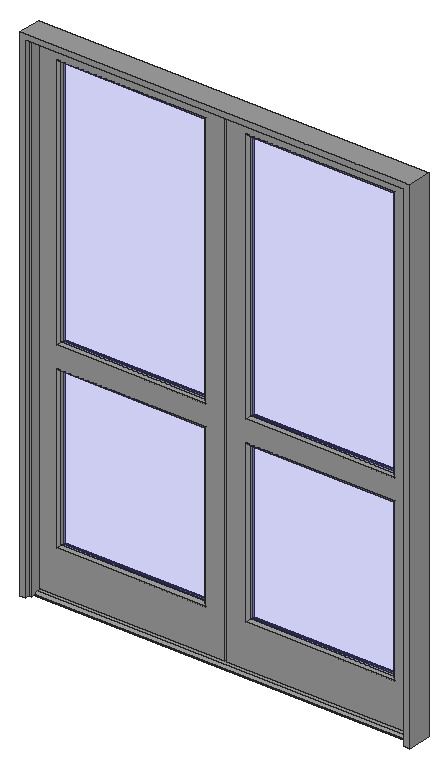
Revit family "MS-375 PIVOT DOOR-Double-VIP-0.25-CW_v05", category Curtain Panels, Revit 2015
Parameters
  Width [instance] = 6' - 2"
  VIP2 Panic Devices [instance] = not(VIP1 Panic Devices)  # yes
  URL = "obe.com"
  Rough Width = 6' - 0"
  Panel Width [instance] = Min Panel Width  # 6' - 0"
  Panel Offset [instance] = 0' - 0"
  Offset [instance] = 0' - 1"
  Model = "MS-375 DOOR"
  Min Rough Width [instance] = if(Rough Width > 6' 1 255/256", Rough Width, 6' 2")  # 6' - 2"
  Min Panel Width [instance] = if(Rough Width > 6' 1 255/256", Rough Width - 0' 2", 6' 0")  # 6' - 0"
  Manufacturer = "Oldcastle BuildingEnvelope®"
  Keynote = "08 11 00"
  Height [instance] = 8' - 0"
  Pushbar Height [instance] = 1' - 0"
  Glass Material = Glass
  Frame Material = Aluminum
  Door Panel Height [instance] = Height - 0' 0 5/8"  # 7' - 11 3/8"
  Description = "MS-375 - 1/4\" Door Infill"
  Assembly Code = "B2030"
  Analytic Construction = "<None>"
  VIP1 Panic Devices [instance] = no
  10 Bottom Rail [instance] = not([8 Bottom Rail])  # no
  8 Bottom Rail [instance] = yes
Reference planes (in)
  plane 1 "Front": y = 0
  plane 2: z = 0
  plane 3 "Center (Left/Right)": x = 0
  plane 4 "Left": x = -37
  plane 5 "Right": x = 37
  plane 6 "Top": z = 96
  plane 7 "Offset": y = -1
  plane 8: y = -2.28244
  plane 9: y = -2.28244
  plane 10: x = -37
  plane 11: x = 37
Forms (in)
  Sweep 1, solid, material "Aluminum" <- "Frame Material"
    path origin (0, -1, 0) x (-1, 0, 0) y (0, 0, 1)
      loop
        line (37, 0) -> (37, 96)
    profile origin (-37, -1, 48) x (1, 0, 0) y (0, 1, 0)
      loop
        line (1, -1.97) -> (1, 0) -> (0, 0) -> (0, -4.5) -> (1, -4.5) -> (1, -3.595) -> (1.5, -3.595) -> (1.5, -1.97) -> (1, -1.97)
  Sweep 2, solid, material "Aluminum" <- "Frame Material"
    path origin (0, -1, 0) x (-1, 0, 0) y (0, 0, 1)
      loop
        line (-37, 0) -> (-37, 96)
    profile origin (37, -1, 48) x (1, 0, 0) y (0, 1, 0)
      loop
        line (-1, -1.97) -> (-1.5, -1.97) -> (-1.5, -3.595) -> (-1, -3.595) -> (-1, -4.5) -> (0, -4.5) -> (0, 0) -> (-1, 0) -> (-1, -1.97)
  Extrusion 3, solid, material "Aluminum" <- "Frame Material"
    sketch origin (-37, 0, 0) x (0, -1, 0) y (0, 0, 1)
      loop
        line (2.97, 94.5) -> (4.595, 94.5) -> (4.595, 95) -> (5.5, 95) -> (5.5, 96) -> (1, 96) -> (1, 95) -> (2.97, 95) -> (2.97, 94.5)
    from -74 to 0
Cuts and joins
  joined: Sweep 1, Sweep 2, Extrusion 3
Text (in)
  text "Exterior" at (-54.29358, 31.38743, 0), in view "Ref. Level"
  text "Exterior" at (480, 41.53993, 89.60405), in view "Right"
  text "Exterior" at (-240, 57.82419, 105.78864), in view "Left"
Dimensions and locks (in)
  equal spacing: plane 4 "Left", plane 3 "Center (Left/Right)", plane 5 "Right"
  "Width": plane 4 "Left" to plane 5 "Right"
  "Height": plane 6 "Top" to plane 2
  "Offset": plane 1 "Front" to plane 7 "Offset"
  locked: plane 7 "Offset" to plane 8 at 1.28244
  locked: plane 7 "Offset" to plane 9 at 1.28244
  locked: plane 7 "Offset" to nested 3 at 1.28244
  Extrusion 3 sketch curve to Extrusion 3 sketch curve to Extrusion 3 sketch curve = 0' - 0 1/2" locked, 0' - 0" locked
  Extrusion 3 sketch curve to Extrusion 3 sketch curve to Extrusion 3 sketch curve to Extrusion 3 sketch curve = 0' - 1.97" locked, 0' - 1 5/8" locked, 0' - 0.905" locked
  locked: Extrusion 3 sketch curve to Extrusion 3 sketch curve at 1
  equal spacing: plane 10, plane 3 "Center (Left/Right)", plane 11
  "Min Rough Width": plane 10 to plane 11
  aligned and locked: level to plane 2
  aligned and locked: nested 1 to plane 8
  aligned and locked: plane 9 to nested 2
  aligned and locked: plane 6 "Top" to Sweep 1 sketch curve
  aligned and locked: level to Sweep 1 sketch curve
  aligned and locked: plane 6 "Top" to Sweep 2 sketch curve
  aligned and locked: level to Sweep 2 sketch curve
  aligned and locked: plane 6 "Top" to nested 3
  aligned and locked: Extrusion 3 to plane 6 "Top"
  aligned and locked: Extrusion 3 sketch curve to plane 6 "Top"
  aligned and locked: plane 3 "Center (Left/Right)" to nested 4
  aligned and locked: nested 4 to plane 7 "Offset"  (x2)
  aligned and locked: nested 2 to plane 10
  aligned and locked: plane 11 to nested 1
  aligned and locked: Sweep 1 sketch curve to plane 10
  aligned and locked: plane 11 to Sweep 2 sketch curve
  aligned and locked: cut or joined group of Sweep 1, Sweep 2, Extrusion 3 to plane 11
  aligned and locked: cut or joined group of Sweep 1, Sweep 2, Extrusion 3 to plane 10
Automatic sketch dimensions
  Sweep 1 sketch curve to profile plane = 0' - 0"
  Sweep 1 sketch curve to plane 7 "Offset" = 0' - 0"
  Sweep 1 sketch curve to profile plane = 0' - 1"  (x2)
  Sweep 1 sketch curve to Sweep 1 sketch curve = 0' - 0 1/2"
  Sweep 1 sketch curve to plane 7 "Offset" = 0' - 1.97"
  Sweep 1 sketch curve to Sweep 1 sketch curve = 0' - 1 5/8"
  Sweep 1 sketch curve to Sweep 1 sketch curve = 0' - 0.905"
  Sweep 2 sketch curve to plane 7 "Offset" = 0' - 0"
  Sweep 2 sketch curve to profile plane = 0' - 0"
  profile plane to Sweep 2 sketch curve = 0' - 1"  (x2)
  Sweep 2 sketch curve to Sweep 2 sketch curve = 0' - 0 1/2"
  Sweep 2 sketch curve to plane 7 "Offset" = 0' - 1.97"
  Sweep 2 sketch curve to Sweep 2 sketch curve = 0' - 1 5/8"
  Sweep 2 sketch curve to Sweep 2 sketch curve = 0' - 0.905"
  Extrusion 3 sketch curve to plane 7 "Offset" = 0' - 0"
Nested families (in)
  nested 1: "2.5x6-RTCIG CW-H8533-DHD-OHD SC-DI" at (37, -2.28244, 0) x (0, -1, 0) z (0, 0, 1), type "2.5x6-RTCIG CW-H8533-DHD-OHD SC-DI"
  nested 2: "2.5x6-RTCIG CW-H8533-DHD-OHD SC-DI" at (-37, -2.28244, 0) x (0, -1, 0) z (0, 0, 1), type "2.5x6-RTCIG CW-H8533-DHD-OHD SC-DI"
  nested 3: "2.5x6-RTCIG CW-H8533-DHD-OHD SC-DI" at (-33, -2.28244, 96) x (0, -1, 0) z (-1, 0, 0), type "2.5x6-RTCIG CW-H8533-DHD-OHD SC-DI"
  nested 4: "MS-375 PIVOT DOOR-Double-VIP-0.25-Panel_v04" at (0, -17, 0), Height <- "Door Panel Height", Frame Material <- "Frame Material", Glass Material <- "Glass Material", Width <- "Min Panel Width", VIP1 Panic Devices <- "VIP1 Panic Devices", 8 Bottom Rail <- "8 Bottom Rail", type "MS-375 PIVOT DOOR-Double-VIP-0.25-Panel_v04"
    with Wing Width 3' - 0", built-in parameter 1001301 6' - 0", VIP1 Panic Devices no, Pushbar Height 3' - 5 1/4", Offset 0' - 0", built-in parameter 1001300 7' - 11 3/8", Glass at Muntin 0' - 4 9/16", Glass Material Glass, Frame Material Aluminum, Bottom Rail 0' - 8 31/32", 8 Bottom Rail yes
Definition of nested family "MS-375 PIVOT DOOR-Double-VIP-0.25-Panel_v04"
  Parameters (values of type "MS-375 PIVOT DOOR-Double-VIP-0.25-Panel_v04")
    Wing Width [instance] = Width / 2  # 3' - 0"
    Width [instance] = 6' - 0"
    VIP1 Panic Devices [instance] = no
    Offset [instance] = 0' - 10 15/16"
    Height [instance] = 8' - 0"
    Glass at Muntin [instance] = if(VIP1 Panic Devices, 0' 8 9/16", 0' 4 9/16")  # 0' - 4 9/16"
    Pushbar Height [instance] = 3' - 5 1/4"  # constant formula
    Glass Material [instance] = none
    Frame Material [instance] = none
    Bottom Rail [instance] = if([8 Bottom Rail], 0' 8 31/32", 0' 10 31/32")  # 0' - 8 31/32"
    Analytic Construction = "<None>"
    8 Bottom Rail [instance] = yes
  Reference planes (in)
    plane 1 "00": y = 4.0625
    plane 2: z = 0
    plane 3 "Center (Left/Right)": x = 0
    plane 4: z = 96
    plane 5: x = 36
    plane 6: x = -36
    plane 7 "Center (Front/Back)": y = 16
    plane 8 "Exterior": y = 4.1875
    plane 9: z = 48
    plane 10: z = 92.96875
    plane 11: z = 92.21875
    plane 12: z = 43.53125
    plane 13: z = 38.96875
    plane 14: z = 8.96875
    plane 15 "Offset": y = 5.0625
    plane 16: z = 41.25
  Forms (in)
    Sweep 1, solid, material <- "Frame Material"
      path origin (0, 4.0625, 0) x (1, 0, 0) y (0, 0, 1)
        loop
          line (-35.79246, 96) -> (-0.22004, 96)
      profile origin (-18.00625, 4.0625, 96) x (0, 0, 1) y (0, -1, 0)
        loop
          line (-0.375, -0.875) -> (-0.375, 0.875) -> (-3.49593, 0.875) -> (-4, 0.45204) -> (-4, 0.125) -> (-3.78125, 0.125) -> (-3.78125, -0.125) -> (-4, -0.125) -> (-4, -0.45204) -> (-3.49593, -0.875) -> (-0.375, -0.875)
    Sweep 2, solid, material <- "Frame Material"
      path origin (0, 4.0625, 0) x (1, 0, 0) y (0, 0, 1)
        loop
          line (-0.22004, 0) -> (-35.79246, 0)
      profile origin (-18.00625, 4.0625, 0) x (0, 0, -1) y (0, -1, 0)
        loop
          line (-8.68343, -0.875) -> (-0.6875, -0.875) -> (-0.6875, 0.875) -> (-8.68343, 0.875) -> (-9.1875, 0.45204) -> (-9.1875, 0.125) -> (-8.96875, 0.125) -> (-8.96875, -0.125) -> (-9.1875, -0.125) -> (-9.1875, -0.45204) -> (-8.68343, -0.875)
    Sweep 3, solid, material <- "Frame Material"
      path origin (0, 4.0625, 0) x (1, 0, 0) y (0, 0, 1)
        loop
          line (36, 95.625) -> (36, 0.6875)
      profile origin (36, 4.0625, 48.15625) x (0, -1, 0) y (1, 0, 0)
        loop
          line (0.875, -0.19796) -> (-0.875, -0.08896) -> (-0.875, -3.83376) -> (-0.45204, -4.33783) -> (-0.125, -4.33783) -> (-0.125, -4.11908) -> (0.125, -4.11908) -> (0.125, -4.33783) -> (0.45204, -4.33783) -> (0.875, -3.83376) -> (0.875, -0.19796)
    Sweep 4, solid, material <- "Frame Material"
      path origin (0, 4.0625, 0) x (1, 0, 0) y (0, 0, 1)
        loop
          line (-36, 95.625) -> (-36, 0.6875)
      profile origin (-36, 4.0625, 48.15625) x (0, -1, 0) y (1, 0, 0)
        loop
          line (-0.875, 0.09854) -> (0.875, 0.20754) -> (0.875, 3.84334) -> (0.45204, 4.34741) -> (0.125, 4.34741) -> (0.125, 4.12866) -> (-0.125, 4.12866) -> (-0.125, 4.34741) -> (-0.45204, 4.34741) -> (-0.875, 3.84334) -> (-0.875, 0.09854)
    Sweep 5, solid, material <- "Frame Material"
      path origin (0, 4.0625, 0) x (1, 0, 0) y (0, 0, 1)
        loop
          line (-0.22004, 48) -> (-35.79246, 48)
      profile origin (-18.00625, 4.0625, 48) x (0, 0, -1) y (0, -1, 0)
        loop
          line (4.25, 0.45204) -> (4.25, 0.125) -> (4.46875, 0.125) -> (4.46875, -0.125) -> (4.25, -0.125) -> (4.25, -0.45204) -> (4.75407, -0.875) -> (8.74593, -0.875) -> (9.25, -0.45204) -> (9.25, -0.125) -> (9.03125, -0.125) -> (9.03125, 0.125) -> (9.25, 0.125) -> (9.25, 0.45204) -> (8.74593, 0.875) -> (4.75407, 0.875) -> (4.25, 0.45204)
    Sweep 6, solid, material <- "Frame Material"
      path origin (0, 4.0625, 0) x (1, 0, 0) y (0, 0, 1)
        loop
          line (0, 95.625) -> (0, 0.6875)
      profile origin (0, 4.0625, 48.15625) x (0, -1, 0) y (1, 0, 0)
        loop
          line (-0.875, -0.22004) -> (-0.875, -3.80843) -> (-0.45204, -4.3125) -> (-0.125, -4.3125) -> (-0.125, -4.09375) -> (0.125, -4.09375) -> (0.125, -4.3125) -> (0.45204, -4.3125) -> (0.875, -3.80843) -> (0.875, -0.22004)
          arc (0.875, -0.22004) -> (0, -0.0625) -> (-0.875, -0.22004) r 2.50872
        loop
          arc (-0.875, 0.22004) -> (0, 0.0625) -> (0.875, 0.22004) r 2.50872
          line (0.875, 0.22004) -> (0.875, 3.80843) -> (0.45204, 4.3125) -> (0.125, 4.3125) -> (0.125, 4.09375) -> (-0.125, 4.09375) -> (-0.125, 4.3125) -> (-0.45204, 4.3125) -> (-0.875, 3.80843) -> (-0.875, 0.22004)
    Sweep 7, solid, material <- "Frame Material"
      path origin (0, 4.0625, 0) x (1, 0, 0) y (0, 0, 1)
        loop
          line (0.22004, 96) -> (35.80204, 96)
      profile origin (18.01104, 4.0625, 96) x (0, 0, 1) y (0, -1, 0)
        loop
          line (-0.375, -0.875) -> (-0.375, 0.875) -> (-3.49593, 0.875) -> (-4, 0.45204) -> (-4, 0.125) -> (-3.78125, 0.125) -> (-3.78125, -0.125) -> (-4, -0.125) -> (-4, -0.45204) -> (-3.49593, -0.875) -> (-0.375, -0.875)
    Sweep 8, solid, material <- "Frame Material"
      path origin (0, 4.0625, 0) x (1, 0, 0) y (0, 0, 1)
        loop
          line (35.80204, 48) -> (0.22004, 48)
      profile origin (18.01104, 4.0625, 48) x (0, 0, -1) y (0, -1, 0)
        loop
          line (4.25, 0.45204) -> (4.25, 0.125) -> (4.46875, 0.125) -> (4.46875, -0.125) -> (4.25, -0.125) -> (4.25, -0.45204) -> (4.75407, -0.875) -> (8.74593, -0.875) -> (9.25, -0.45204) -> (9.25, -0.125) -> (9.03125, -0.125) -> (9.03125, 0.125) -> (9.25, 0.125) -> (9.25, 0.45204) -> (8.74593, 0.875) -> (4.75407, 0.875) -> (4.25, 0.45204)
    Sweep 9, solid, material <- "Frame Material"
      path origin (0, 4.0625, 0) x (1, 0, 0) y (0, 0, 1)
        loop
          line (35.80204, 0) -> (0.22004, 0)
      profile origin (18.01104, 4.0625, 0) x (0, 0, -1) y (0, -1, 0)
        loop
          line (-8.68343, -0.875) -> (-0.6875, -0.875) -> (-0.6875, 0.875) -> (-8.68343, 0.875) -> (-9.1875, 0.45204) -> (-9.1875, 0.125) -> (-8.96875, 0.125) -> (-8.96875, -0.125) -> (-9.1875, -0.125) -> (-9.1875, -0.45204) -> (-8.68343, -0.875)
    Extrusion 10, solid, material <- "Glass Material"
      sketch origin (0, 0, 0) x (1, 0, 0) y (0, 1, 0)
        loop
          line (-31.87021, 4.1875) -> (-31.87021, 3.9375) -> (-4.09375, 3.9375) -> (-4.09375, 4.1875) -> (-31.87021, 4.1875)
      from 8.96875 to 38.96875
    Extrusion 11, solid, material <- "Glass Material"
      sketch origin (0, 0, 0) x (1, 0, 0) y (0, 1, 0)
        loop
          line (4.09375, 4.1875) -> (4.09375, 3.9375) -> (31.87979, 3.9375) -> (31.87979, 4.1875) -> (4.09375, 4.1875)
      from 8.96875 to 38.96875
    Extrusion 12, solid, material <- "Glass Material"
      sketch origin (0, 0, 0) x (1, 0, 0) y (0, 1, 0)
        loop
          line (-4.09375, 4.1875) -> (-31.87021, 4.1875) -> (-31.87021, 3.9375) -> (-4.09375, 3.9375) -> (-4.09375, 4.1875)
      from 43.53125 to 92.21875
    Extrusion 13, solid, material <- "Glass Material"
      sketch origin (0, 0, 0) x (1, 0, 0) y (0, 1, 0)
        loop
          line (31.87979, 4.1875) -> (4.09375, 4.1875) -> (4.09375, 3.9375) -> (31.87979, 3.9375) -> (31.87979, 4.1875)
      from 43.53125 to 92.21875
    Sweep 14, solid, material <- "Frame Material"
      path origin (0, 5.0625, 0) x (1, 0, 0) y (0, 0, 1)
        loop
          line (-35.79246, 0) -> (35.80204, 0)
      profile origin (0.00479, 5.0625, 0) x (0, 0, 1) y (0, -1, 0)
        loop
          line (0.5, 2.468) -> (0.19364, 3.125) -> (0, 3.125) -> (0, -0.875) -> (0.19364, -0.875) -> (0.5, -0.218) -> (0.5, 2.468)
  Cuts and joins
    joined: Sweep 1, Sweep 2, Sweep 3, Sweep 4, Sweep 5, Sweep 6, Sweep 7, Sweep 8, Sweep 9
  Lines and regions (in)
    model lines
      curve 1: line (4.09375, 4.1875, 92.21875) -> (31.87979, 4.1875, 48)
      curve 2: line (31.87979, 4.1875, 48) -> (4.09375, 4.1875, 8.96875)
      curve 3: line (-4.09375, 4.1875, 92.21875) -> (-31.87134, 4.1875, 48)
      curve 4: line (-31.87134, 4.1875, 48) -> (-4.09375, 4.1875, 8.96875)
  Dimensions and locks (in)
    "Height": plane 4 to level
    "Width": plane 6 to plane 5
    "Offset": plane 15 "Offset" to plane 7 "Center (Front/Back)"
    plane 1 "00" to plane 8 "Exterior" to plane 15 "Offset" = 0' - 0 1/8" locked, 0' - 0 7/8" locked
    equal spacing: level, plane 9, plane 4
    locked: Sweep 2 sketch curve to plane 6 at 0.20754
    locked: plane 3 "Center (Left/Right)" to Sweep 2 sketch curve at 0.22004
    locked: Sweep 3 sketch curve to plane 4 at 0.375
    locked: Sweep 4 sketch curve to plane 4 at 0.375
    locked: Sweep 1 sketch curve to plane 6 at 0.20754
    locked: plane 3 "Center (Left/Right)" to Sweep 1 sketch curve at 0.22004
    "Bottom Rail": Sweep 2 sketch curve to level
    Sweep 2 sketch curve to Sweep 2 sketch curve to Sweep 2 sketch curve to Sweep 2 sketch curve to Sweep 2 sketch curve = 0' - 0" locked, 0' - 0 7/32" locked, 0' - 0.28532" locked, 0' - 0" locked
    locked: plane 3 "Center (Left/Right)" to Sweep 5 sketch curve at 0.22004
    locked: Sweep 5 sketch curve to plane 6 at 0.20754
    plane 12 to Sweep 5 sketch curve to Sweep 5 sketch curve = 0' - 0.28532" locked, 0' - 0" locked
    Sweep 5 sketch curve to Sweep 5 sketch curve to Sweep 5 sketch curve to plane 13 to Sweep 5 sketch curve = 0' - 0" locked, 0' - 0.28532" locked, 0' - 0" locked, 0' - 0 7/32" locked
    locked: Sweep 7 sketch curve to plane 3 "Center (Left/Right)" at 0.22004
    locked: plane 5 to Sweep 7 sketch curve at 0.19796
    "Glass at Muntin": plane 12 to plane 13
    plane 12 to Sweep 8 sketch curve to Sweep 8 sketch curve = 0' - 0.28532" locked, 0' - 0" locked
    Sweep 8 sketch curve to Sweep 8 sketch curve to plane 13 to Sweep 8 sketch curve to Sweep 8 sketch curve = 0' - 0" locked, 0' - 0.28532" locked, 0' - 0 7/32" locked, 0' - 0" locked
    locked: plane 5 to Sweep 8 sketch curve at 0.19796
    locked: Sweep 8 sketch curve to plane 3 "Center (Left/Right)" at 0.22004
    Sweep 9 sketch curve to Sweep 9 sketch curve to plane 14 to Sweep 9 sketch curve to Sweep 9 sketch curve = 0' - 0" locked, 0' - 0 7/32" locked, 0' - 0.28532" locked, 0' - 0" locked
    locked: plane 5 to Sweep 9 sketch curve at 0.19796
    locked: Sweep 9 sketch curve to plane 3 "Center (Left/Right)" at 0.22004
    Extrusion 11 sketch curve to plane 1 "00" to Extrusion 11 sketch curve = 0' - 0 1/8" locked, 0' - 0 1/8" locked
    locked: Extrusion 11 sketch curve to plane 5 at 4.12021
    locked: plane 3 "Center (Left/Right)" to Extrusion 11 sketch curve at 4.09375
    Extrusion 10 sketch curve to plane 1 "00" to Extrusion 10 sketch curve = 0' - 0 1/8" locked, 0' - 0 1/8" locked
    locked: plane 6 to Extrusion 10 sketch curve at 4.12979
    locked: Extrusion 10 sketch curve to plane 3 "Center (Left/Right)" at 4.09375
    "Bottom Rail": level to plane 14
    locked: plane 6 to Extrusion 12 sketch curve at 4.12979
    locked: Extrusion 12 sketch curve to plane 3 "Center (Left/Right)" at 4.09375
    Extrusion 12 sketch curve to plane 1 "00" to Extrusion 12 sketch curve = 0' - 0 1/8" locked, 0' - 0 1/8" locked
    locked: plane 4 to plane 11 at 3.78125
    Extrusion 13 sketch curve to plane 1 "00" to Extrusion 13 sketch curve = 0' - 0 1/8" locked, 0' - 0 1/8" locked
    locked: Extrusion 13 sketch curve to plane 5 at 4.12021
    locked: plane 3 "Center (Left/Right)" to Extrusion 13 sketch curve at 4.09375
    locked: plane 4 to Extrusion 13 at 3.78125
    equal spacing: plane 6, plane 3 "Center (Left/Right)", plane 5
    equal spacing: plane 13, plane 16, plane 12
    "Pushbar Height": plane 2 to plane 16
    locked: plane 5 to Sweep 14 sketch curve at 0.19796
    locked: Sweep 14 sketch curve to plane 6 at 0.20754
    locked: Sweep 4 sketch curve to plane 2 at 0.6875
    locked: Sweep 6 sketch curve to plane 2 at 0.6875
    locked: Sweep 3 sketch curve to plane 2 at 0.6875
    locked: nested 1 to plane 1 "00" at 1.093
    locked: plane 4 to Sweep 6 sketch curve at 0.375
    aligned and locked: plane 2 to level
    aligned and locked: plane 3 "Center (Left/Right)" to nested 1
    aligned and locked: Sweep 1 sketch curve to plane 4
    aligned and locked: Sweep 2 sketch curve to level
    aligned and locked: level to nested 2
    aligned and locked: nested 2 to plane 1 "00"
    aligned and locked: plane 5 to Sweep 3 sketch curve
    aligned and locked: plane 6 to Sweep 4 sketch curve
    aligned and locked: Sweep 5 sketch curve to plane 9
    aligned and locked: plane 3 "Center (Left/Right)" to Sweep 6 sketch curve
    aligned and locked: Sweep 9 sketch curve to level
    aligned and locked: Sweep 8 sketch curve to plane 9
    aligned and locked: plane 4 to Sweep 7 sketch curve
    aligned and locked: Extrusion 12 to cut or joined group of Sweep 1, Sweep 2, Sweep 3, Sweep 4, Sweep 5, Sweep 6, Sweep 7, Sweep 8, Sweep 9
    aligned and locked: Extrusion 13 to cut or joined group of Sweep 1, Sweep 2, Sweep 3, Sweep 4, Sweep 5, Sweep 6, Sweep 7, Sweep 8, Sweep 9
    aligned and locked: Extrusion 13 to plane 11
    aligned and locked: Sweep 8 sketch curve to plane 13
    aligned and locked: Extrusion 11 to plane 13
    aligned and locked: plane 12 to Extrusion 13
    aligned and locked: Sweep 7 sketch curve to plane 11
    aligned and locked: plane 14 to Extrusion 11
    aligned and locked: plane 14 to Sweep 9 sketch curve
    aligned and locked: Sweep 1 sketch curve to plane 11
    aligned and locked: Sweep 5 sketch curve to plane 12
    aligned and locked: plane 12 to Extrusion 12
    aligned and locked: Extrusion 10 to plane 13
    aligned and locked: plane 14 to Extrusion 10
    aligned and locked: Extrusion 12 to plane 11
    aligned and locked: cut or joined group of Sweep 1, Sweep 2, Sweep 3, Sweep 4, Sweep 5, Sweep 6, Sweep 7, Sweep 8, Sweep 9 to curve 4  (x2)
    aligned and locked: plane 14 to curve 4
    aligned and locked: plane 9 to curve 4
    aligned and locked: curve 3 to cut or joined group of Sweep 1, Sweep 2, Sweep 3, Sweep 4, Sweep 5, Sweep 6, Sweep 7, Sweep 8, Sweep 9
    aligned and locked: plane 11 to curve 3
    aligned and locked: cut or joined group of Sweep 1, Sweep 2, Sweep 3, Sweep 4, Sweep 5, Sweep 6, Sweep 7, Sweep 8, Sweep 9 to curve 1
    aligned and locked: plane 9 to curve 2
    aligned and locked: cut or joined group of Sweep 1, Sweep 2, Sweep 3, Sweep 4, Sweep 5, Sweep 6, Sweep 7, Sweep 8, Sweep 9 to curve 2
    aligned and locked: plane 14 to curve 2
    aligned and locked: Sweep 14 sketch curve to plane 2
  Automatic sketch dimensions
    plane 1 "00" to Sweep 1 sketch curve = 0' - 0 1/8"
    Sweep 1 sketch curve to plane 1 "00" = 0' - 0.45204"
    Sweep 1 sketch curve to Sweep 1 sketch curve = 0' - 0"
    Sweep 1 sketch curve to Sweep 1 sketch curve = 0' - 0 7/32"
    plane 1 "00" to Sweep 1 sketch curve = 0' - 0 7/8"
    Sweep 1 sketch curve to Sweep 1 sketch curve = 0' - 0.50407"  (x2)
    profile plane to Sweep 1 sketch curve = 0' - 0 3/8"
    Sweep 1 sketch curve to plane 1 "00" = 0' - 0 7/8"
    Sweep 1 sketch curve to plane 1 "00" = 0' - 0 1/8"
    Sweep 1 sketch curve to Sweep 1 sketch curve = 0' - 0.32704"
    plane 1 "00" to Sweep 6 sketch curve = 0' - 0"  (x2)
    Sweep 6 sketch curve to plane 1 "00" = 0' - 0 1/8"  (x2)
    Sweep 6 sketch curve to Sweep 6 sketch curve = 0' - 0.32704"  (x4)
    Sweep 6 sketch curve to profile plane = 0' - 0.22004"
    Sweep 6 sketch curve to plane 1 "00" = 0' - 0 7/8"
    Sweep 6 sketch curve to Sweep 6 sketch curve = 0' - 0.42296"  (x3)
    plane 1 "00" to Sweep 6 sketch curve = 0' - 0 1/8"  (x2)
    profile plane to Sweep 6 sketch curve = 0' - 0.22004"
    Sweep 6 sketch curve to Sweep 6 sketch curve = 0' - 3.58839"  (x2)
    Sweep 6 sketch curve to Sweep 6 sketch curve = 0' - 0"  (x2)
    Sweep 6 sketch curve to Sweep 6 sketch curve = 0' - 0.28532"  (x2)
    Sweep 6 sketch curve to Sweep 6 sketch curve = 0' - 1.52253"  (x2)
    Sweep 6 sketch curve to Sweep 6 sketch curve = 0' - 1.74128"  (x4)
    plane 1 "00" to Sweep 7 sketch curve = 0' - 0 1/8"
    Sweep 7 sketch curve to plane 1 "00" = 0' - 0.45204"
    Sweep 7 sketch curve to Sweep 7 sketch curve = 0' - 0"
    Sweep 7 sketch curve to Sweep 7 sketch curve = 0' - 0 7/32"
    plane 1 "00" to Sweep 7 sketch curve = 0' - 0 7/8"
    Sweep 7 sketch curve to Sweep 7 sketch curve = 0' - 0.50407"  (x2)
    profile plane to Sweep 7 sketch curve = 0' - 0 3/8"
    Sweep 7 sketch curve to plane 1 "00" = 0' - 0 7/8"
    Sweep 7 sketch curve to plane 1 "00" = 0' - 0 1/8"
    Sweep 7 sketch curve to Sweep 7 sketch curve = 0' - 0.32704"
    Sweep 8 sketch curve to Sweep 8 sketch curve = 0' - 0 7/32"  (x2)
    Sweep 8 sketch curve to plane 1 "00" = 0' - 0 7/8"
    Sweep 8 sketch curve to plane 1 "00" = 0' - 0.45204"  (x2)
    Sweep 8 sketch curve to plane 1 "00" = 0' - 0 1/8"  (x2)
    plane 1 "00" to Sweep 8 sketch curve = 0' - 0 1/8"  (x2)
    Sweep 8 sketch curve to Sweep 8 sketch curve = 0' - 0.32704"  (x2)
    Sweep 8 sketch curve to Sweep 8 sketch curve = 0' - 0.42296"
    Sweep 8 sketch curve to Sweep 8 sketch curve = 0' - 0.28532"
    Sweep 5 sketch curve to Sweep 5 sketch curve = 0' - 0 7/32"  (x3)
    Sweep 5 sketch curve to plane 1 "00" = 0' - 0 7/8"
    Sweep 5 sketch curve to plane 1 "00" = 0' - 0.45204"  (x2)
    Sweep 5 sketch curve to plane 1 "00" = 0' - 0 1/8"  (x2)
    plane 1 "00" to Sweep 5 sketch curve = 0' - 0 1/8"  (x2)
    Sweep 5 sketch curve to Sweep 5 sketch curve = 0' - 0.32704"  (x2)
    Sweep 5 sketch curve to Sweep 5 sketch curve = 0' - 0.42296"
    profile plane to Sweep 9 sketch curve = 0' - 0 11/16"
    Sweep 9 sketch curve to plane 1 "00" = 0' - 0.45204"
    Sweep 9 sketch curve to plane 1 "00" = 0' - 0 1/8"
    plane 1 "00" to Sweep 9 sketch curve = 0' - 0 1/8"
    Sweep 9 sketch curve to Sweep 9 sketch curve = 0' - 0.32704"
    Sweep 9 sketch curve to Sweep 9 sketch curve = 0' - 0.42296"  (x2)
    Sweep 4 sketch curve to plane 1 "00" = 0' - 0 7/8"
    Sweep 4 sketch curve to plane 1 "00" = 0' - 0.45204"
    Sweep 4 sketch curve to plane 1 "00" = 0' - 0 1/8"
    plane 1 "00" to Sweep 4 sketch curve = 0' - 0 1/8"
    Sweep 4 sketch curve to Sweep 4 sketch curve = 0' - 0.32704"
    Sweep 4 sketch curve to Sweep 4 sketch curve = 0' - 0.42296"
    Sweep 4 sketch curve to profile plane = 0' - 3.84334"
    Sweep 4 sketch curve to Sweep 4 sketch curve = 0' - 0"
    Sweep 4 sketch curve to Sweep 4 sketch curve = 0' - 0.28532"
    Sweep 4 sketch curve to Sweep 4 sketch curve = 0' - 0 7/32"  (x2)
    Sweep 4 sketch curve to profile plane = 0' - 0.20754"
    Sweep 4 sketch curve to profile plane = 0' - 0.09854"
    Sweep 3 sketch curve to plane 1 "00" = 0' - 0 7/8"
    Sweep 3 sketch curve to plane 1 "00" = 0' - 0.45204"
    Sweep 3 sketch curve to plane 1 "00" = 0' - 0 1/8"
    plane 1 "00" to Sweep 3 sketch curve = 0' - 0 1/8"
    Sweep 3 sketch curve to Sweep 3 sketch curve = 0' - 0.32704"
    Sweep 3 sketch curve to Sweep 3 sketch curve = 0' - 0.42296"
    profile plane to Sweep 3 sketch curve = 0' - 4.33783"
    Sweep 3 sketch curve to Sweep 3 sketch curve = 0' - 0"
    Sweep 3 sketch curve to Sweep 3 sketch curve = 0' - 0 7/32"
    Sweep 3 sketch curve to Sweep 3 sketch curve = 0' - 0.50407"  (x2)
    profile plane to Sweep 3 sketch curve = 0' - 0.08896"
    profile plane to Sweep 3 sketch curve = 0' - 0.19796"
    curve 1 to plane 11 = 0' - 0"
    curve 2 to plane 5 = 0' - 4.12021"
    Sweep 14 sketch curve to profile plane = 0' - 0.19364"  (x2)
    Sweep 14 sketch curve to plane 15 "Offset" = 0' - 0 7/8"
    Sweep 14 sketch curve to profile plane = 0' - 0"
    Sweep 14 sketch curve to plane 15 "Offset" = 0' - 0.218"
    Sweep 14 sketch curve to Sweep 14 sketch curve = 0' - 2.686"
    Sweep 14 sketch curve to profile plane = 0' - 0 1/2"
    Sweep 14 sketch curve to Sweep 14 sketch curve = 0' - 0.657"
    profile plane to Sweep 2 sketch curve = 0' - 0 11/16"
    Sweep 2 sketch curve to plane 1 "00" = 0' - 0 7/8"
    Sweep 2 sketch curve to plane 1 "00" = 0' - 0.45204"
    Sweep 2 sketch curve to plane 1 "00" = 0' - 0 1/8"
    plane 1 "00" to Sweep 2 sketch curve = 0' - 0 1/8"
    Sweep 2 sketch curve to Sweep 2 sketch curve = 0' - 0.32704"
    Sweep 2 sketch curve to Sweep 2 sketch curve = 0' - 0.42296"
  Nested families (in)
    nested 1: "MS-375 PIVOT DOOR-Double-VIP-0.25-Plan View_v02" at (0, 4.0625, 0), Wing Width <- "Wing Width", Width <- "Width", type "MS-375 PIVOT DOOR-Double-VIP-0.25-Plan View_v02"
      with Wing Width 3' - 0", Width 6' - 0"
    nested 2: "MS-375 PIVOT DOOR-Double-VIP-0.25-Section_v02" at (0, 4.0625, 0) x (0, -1, 0) z (1, 0, 0), Height <- "Height", VIP1 Panic Devices <- "VIP1 Panic Devices", 8 Bottom Rail <- "8 Bottom Rail", type "MS-375 PIVOT DOOR-Double-VIP-0.25-Section_v02"
      with VIP2 Panic Devices yes, VIP1 Panic Devices no, Pushbar Height 3' - 5 1/4", Height 8' - 0", Glass at Muntins 0' - 4 9/16", Bottom Rail 0' - 8 31/32", 8 Bottom Rail yes, 10 Bottom Rail no
  Definition of nested family "MS-375 PIVOT DOOR-Double-VIP-0.25-Plan View_v02"
    Parameters (values of type "MS-375 PIVOT DOOR-Double-VIP-0.25-Plan View_v02")
      Wing Width [instance] = Width / 2  # 3' - 0"
      Width [instance] = 6' - 0"
    Reference planes (in)
      plane 1 "Center (Front/Back)": y = 0
      plane 2: z = 0
      plane 3 "Center (Left/Right)": x = 0
      plane 4: x = -36
      plane 5: x = 36
      plane 6: x = 34.65625
      plane 7: x = -34.65625
      plane 8: y = -1.093
      plane 9: x = 35.90625
      plane 10: y = 1.25
      plane 11: y = 37.25
      plane 12: x = -35.90625
      plane 13: y = 1.25
    Lines and regions (in)
      detail lines, in view "Ref. Level", not visible
        curve 1: line (-31.875, 0.125, 0) -> (-4.09375, 0.125, 0)
        curve 2: line (-31.875, -0.125, 0) -> (-4.09375, -0.125, 0)
        curve 8: line (4.09375, -0.125, 0) -> (31.875, -0.125, 0)
        curve 9: line (4.09375, 0.125, 0) -> (31.875, 0.125, 0)
      detail lines, in view "Ref. Level"
        curve 3: line (34.53125, 5.28125, 0) -> (34.53125, 33.0625, 0)
        curve 7: line (34.78125, 5.28125, 0) -> (34.78125, 33.0625, 0)
        curve 10: line (-34.53125, 5.28125, 0) -> (-34.53125, 33.05062, 0)
        curve 14: line (-34.78125, 5.28125, 0) -> (-34.78125, 33.05062, 0)
        curve 15: arc (34.65625, 37.09375, 0) -> (9.67701, 25.71148, 0) -> (0.0625, 0, 0) r 35.86554
        curve 16: arc (-34.65625, 37.08187, 0) -> (-9.68541, 25.70307, 0) -> (-0.07438, 0, 0) r 35.85366
      detail lines, in view "Ref. Level", detail levels fine
        curve 4: line (34.59375, 5.28125, 0) -> (34.59375, 33.0625, 0)
        curve 5: line (34.65625, 5.28125, 0) -> (34.65625, 33.0625, 0)
        curve 6: line (34.71875, 5.28125, 0) -> (34.71875, 33.0625, 0)
        curve 11: line (-34.59375, 5.28125, 0) -> (-34.59375, 33.05062, 0)
        curve 12: line (-34.65625, 5.28125, 0) -> (-34.65625, 33.05062, 0)
        curve 13: line (-34.71875, 5.28125, 0) -> (-34.71875, 33.05062, 0)
    Dimensions and locks (in)
      equal spacing: plane 4, plane 3 "Center (Left/Right)", plane 5
      "Wing Width": plane 10 to plane 11
      plane 13 to plane 11 = 3' - 0"
      locked: plane 4 to plane 7 at 1.34375
      "Width": plane 4 to plane 5
      locked: plane 1 "Center (Front/Back)" to plane 8 at 1.093
      plane 8 to nested 5 = 0' - 0"
      locked: plane 6 to plane 5 at 1.34375
      locked: plane 5 to nested 7 at 2.24925
      locked: nested 6 to plane 4 at 2.24925
      locked: plane 9 to plane 5 at 0.09375
      locked: plane 1 "Center (Front/Back)" to plane 10 at 1.25
      locked: nested 3 to plane 11 at 0.09375
      locked: plane 4 to plane 12 at 0.09375
      locked: plane 1 "Center (Front/Back)" to plane 13 at 1.25
      locked: nested 4 to plane 11 at 0.10563
      aligned and locked: plane 3 "Center (Left/Right)" to nested 1
      aligned and locked: nested 1 to plane 1 "Center (Front/Back)"
      aligned and locked: plane 3 "Center (Left/Right)" to nested 2
      aligned and locked: nested 2 to plane 1 "Center (Front/Back)"
      aligned and locked: nested 3 to plane 6
      aligned and locked: plane 7 to nested 4
      aligned and locked: plane 7 to nested 5
      aligned and locked: plane 1 "Center (Front/Back)" to nested 6
      aligned and locked: nested 7 to plane 1 "Center (Front/Back)"
      aligned and locked: nested 8 to plane 6
      aligned and locked: nested 4 to curve 10
      aligned and locked: nested 4 to curve 11
      aligned and locked: nested 4 to curve 12
      aligned and locked: nested 4 to curve 13
      aligned and locked: curve 14 to nested 4
      aligned and locked: curve 10 to nested 5
      aligned and locked: nested 5 to curve 11
      aligned and locked: nested 5 to curve 12
      aligned and locked: nested 5 to curve 13
      aligned and locked: nested 5 to curve 14
      aligned and locked: nested 6 to curve 1
      aligned and locked: curve 2 to nested 6
      aligned and locked: curve 1 to nested 1
      aligned and locked: nested 1 to curve 2
      aligned and locked: curve 9 to nested 2
      aligned and locked: nested 2 to curve 8
      aligned and locked: nested 7 to nested 7
      aligned and locked: nested 8 to curve 7
      aligned and locked: nested 8 to curve 6
      aligned and locked: nested 8 to curve 5
      aligned and locked: nested 8 to curve 4
      aligned and locked: curve 3 to nested 8
      aligned and locked: nested 3 to curve 7
      aligned and locked: nested 3 to curve 6
      aligned and locked: nested 3 to curve 5
      aligned and locked: nested 3 to curve 4
      aligned and locked: nested 3 to curve 3
      aligned and locked: nested 1 to nested 1  (x2)
      aligned and locked: nested 8 to nested 8
      aligned and locked: plane 8 to nested 8
    Automatic sketch dimensions
      curve 12 to plane 7 = 0' - 0"
      curve 16 to plane 7 = 0' - 0"
      plane 1 "Center (Front/Back)" to curve 16 = 0' - 0"
      plane 1 "Center (Front/Back)" to curve 15 = 0' - 0"
      curve 5 to plane 6 = 0' - 0"
      curve 15 to plane 6 = 0' - 0"
      curve 15 to plane 9 = 0' - 0"
      plane 10 to curve 15 = 0' - 0"
      curve 14 to curve 12 = 0' - 0 1/8"
      curve 13 to curve 12 = 0' - 0 1/16"
      plane 7 to curve 11 = 0' - 0 1/16"
      curve 11 to curve 10 = 0' - 0 1/16"
      curve 16 to plane 3 "Center (Left/Right)" = 0' - 0.07438"
      plane 3 "Center (Left/Right)" to curve 15 = 0' - 0 1/16"
      curve 9 to plane 1 "Center (Front/Back)" = 0' - 0 1/8"
      plane 6 to curve 9 = 0' - 2 25/32"
      curve 8 to curve 9 = 0' - 0"
      plane 6 to curve 3 = 0' - 0 1/8"
      plane 6 to curve 4 = 0' - 0 1/16"
      curve 5 to curve 6 = 0' - 0 1/16"
      curve 6 to curve 7 = 0' - 0 1/16"
      plane 1 "Center (Front/Back)" to curve 8 = 0' - 0 1/8"
      plane 1 "Center (Front/Back)" to curve 2 = 0' - 0 1/8"
      curve 1 to plane 1 "Center (Front/Back)" = 0' - 0 1/8"
      curve 16 to plane 10 = 0' - 0"
      curve 16 to plane 12 = 0' - 0"
    Nested families (in)
      nested 1: "M STILE L-DI" at (0, 0, 0) x (-1, 0, 0) z (0, 0, 1), type "M STILE L-DI", in view "Ref. Level", not visible
      nested 2: "M STILE R-DI" at (0, 0, 0) x (-1, 0, 0) z (0, 0, 1), type "M STILE R-DI", in view "Ref. Level", not visible
      nested 3: "M STILE R-DI" at (34.65625, 37.15625, 0) x (0, 1, 0) z (0, 0, 1), type "M STILE R-DI", in view "Ref. Level"
      nested 4: "M STILE R-DI" at (-34.65625, 37.14437, 0) x (0, 1, 0) z (0, 0, 1), type "M STILE R-DI", in view "Ref. Level"
      nested 5: "HINGE-PD-DI" at (-34.65625, -1.093, 0) x (0, 1, 0) z (0, 0, 1), type "HINGE-HD-DI", in view "Ref. Level"
      nested 6: "HINGE-PD-DI" at (-38.24925, 0, 0), type "HINGE-HD-DI", in view "Ref. Level", not visible
      nested 7: "HINGE-PD-DI" at (38.24925, 0, 0) x (-1, 0, 0) z (0, 0, 1), type "HINGE-HD-DI", in view "Ref. Level", not visible
      nested 8: "HINGE-PD-DI" at (34.65625, -1.093, 0) x (0, 1, 0) z (0, 0, 1), type "HINGE-HD-DI", in view "Ref. Level"
    Definition of nested family "M STILE L-DI"
      Reference planes (in)
        plane 1 "Center (Front/Back)": y = 0
        plane 2: z = 0
        plane 3 "Center (Left/Right)": x = 0
      Lines and regions (in)
        detail lines, in view "Ref. Level"
          curve 1: arc (0.22004, 0.875, 0) -> (0.0625, 0, 0) -> (0.22004, -0.875, 0) r 2.50872
          curve 2: line (0.22004, 0.875, 0) -> (3.80843, 0.875, 0)
          curve 3: line (3.80843, 0.875, 0) -> (4.3125, 0.45204, 0)
          curve 4: line (4.3125, 0.45204, 0) -> (4.3125, 0.125, 0)
          curve 5: line (4.3125, 0.125, 0) -> (4.09375, 0.125, 0)
          curve 6: line (4.09375, 0.125, 0) -> (4.09375, -0.125, 0)
          curve 7: line (4.09375, -0.125, 0) -> (4.3125, -0.125, 0)
          curve 8: line (4.3125, -0.125, 0) -> (4.3125, -0.45204, 0)
          curve 9: line (4.3125, -0.45204, 0) -> (3.80843, -0.875, 0)
          curve 10: line (3.80843, -0.875, 0) -> (0.22004, -0.875, 0)
    Definition of nested family "M STILE R-DI"
      Reference planes (in)
        plane 1 "Center (Front/Back)": y = 0
        plane 2: z = 0
        plane 3 "Center (Left/Right)": x = 0
      Lines and regions (in)
        detail lines, in view "Ref. Level"
          curve 1: arc (-0.22063, -0.875, 0) -> (-0.0625, 0, 0) -> (-0.22063, 0.875, 0) r 2.5
          curve 2: line (-0.22063, 0.875, 0) -> (-3.80843, 0.875, 0)
          curve 3: line (-3.80843, 0.875, 0) -> (-4.3125, 0.45204, 0)
          curve 4: line (-4.3125, 0.45204, 0) -> (-4.3125, 0.125, 0)
          curve 5: line (-4.3125, 0.125, 0) -> (-4.09375, 0.125, 0)
          curve 6: line (-4.09375, 0.125, 0) -> (-4.09375, -0.125, 0)
          curve 7: line (-4.09375, -0.125, 0) -> (-4.3125, -0.125, 0)
          curve 8: line (-4.3125, -0.125, 0) -> (-4.3125, -0.45204, 0)
          curve 9: line (-4.3125, -0.45204, 0) -> (-3.80843, -0.875, 0)
          curve 10: line (-3.80843, -0.875, 0) -> (-0.22063, -0.875, 0)
    Definition of nested family "HINGE-PD-DI"
      Reference planes (in)
        plane 1 "Center (Front/Back)": y = 0
        plane 2: z = 0
        plane 3 "Center (Left/Right)": x = 0
      Lines and regions (in)
        detail lines, in view "Ref. Level"
          curve 1: line (2.343, -0.875, 0) -> (2.452, 0.875, 0)
          curve 2: line (2.452, 0.875, 0) -> (6.08893, 0.875, 0)
          curve 3: line (6.08893, 0.875, 0) -> (6.593, 0.45204, 0)
          curve 4: line (6.593, 0.45204, 0) -> (6.593, 0.125, 0)
          curve 5: line (6.593, 0.125, 0) -> (6.37425, 0.125, 0)
          curve 6: line (6.37425, 0.125, 0) -> (6.37425, -0.125, 0)
          curve 7: line (6.37425, -0.125, 0) -> (6.593, -0.125, 0)
          curve 8: line (6.593, -0.125, 0) -> (6.593, -0.45204, 0)
          curve 9: line (6.593, -0.45204, 0) -> (6.08893, -0.875, 0)
          curve 10: line (6.08893, -0.875, 0) -> (2.343, -0.875, 0)
  Definition of nested family "MS-375 PIVOT DOOR-Double-VIP-0.25-Section_v02"
    Parameters (values of type "MS-375 PIVOT DOOR-Double-VIP-0.25-Section_v02")
      VIP2 Panic Devices [instance] = not(VIP1 Panic Devices)  # no
      VIP1 Panic Devices [instance] = yes
      Height [instance] = 8' - 0"
      Pushbar Height [instance] = 3' - 5 1/4"  # constant formula
      Glass at Muntins [instance] = if(VIP2 Panic Devices, 0' 4 9/16", 0' 8 9/16")  # 0' - 8 9/16"
      Bottom Rail [instance] = if([10 Bottom Rail], 0' 10 31/32", 0' 8 31/32")  # 0' - 10 31/32"
      10 Bottom Rail [instance] = not([8 Bottom Rail])  # yes
      8 Bottom Rail [instance] = no
    Reference planes (in)
      plane 1 "Center (Front/Back)": y = 0
      plane 2: z = 0
      plane 3 "Center (Left/Right)": x = 0
      plane 4: y = 10.96875
      plane 5: y = 92.21875
      plane 6: y = 96
      plane 7: y = 45.53125
      plane 8: y = 36.96875
      plane 9: y = 45.75
      plane 10: y = 41.25
      plane 11: y = 43.75
    Lines and regions (in)
      detail lines, in view "Ref. Level"
        curve 1: line (-0.125, 92.21875, 0) -> (-0.125, 45.53125, 0)
        curve 5: line (0.125, 92.21875, 0) -> (0.125, 45.53125, 0)
        curve 6: line (0.125, 36.96875, 0) -> (0.125, 10.96875, 0)
        curve 10: line (-0.125, 36.96875, 0) -> (-0.125, 10.96875, 0)
      detail lines, in view "Ref. Level", detail levels fine
        curve 2: line (-0.0625, 92.21875, 0) -> (-0.0625, 45.53125, 0)
        curve 3: line (0, 92.21875, 0) -> (0, 45.53125, 0)
        curve 4: line (0.0625, 92.21875, 0) -> (0.0625, 45.53125, 0)
        curve 7: line (0.0625, 36.96875, 0) -> (0.0625, 10.96875, 0)
        curve 8: line (0, 36.96875, 0) -> (0, 10.96875, 0)
        curve 9: line (-0.0625, 36.96875, 0) -> (-0.0625, 10.96875, 0)
    Dimensions and locks (in)
      "Bottom Rail": plane 4 to plane 1 "Center (Front/Back)"
      "Height": plane 6 to plane 1 "Center (Front/Back)"
      "Glass at Muntins": plane 8 to plane 7
      nested 1 to plane 6 to plane 5 = 0' - 3 1/8" locked, 0' - 3 25/32" locked
      equal spacing: plane 8, plane 10, plane 7
      "Pushbar Height": plane 1 "Center (Front/Back)" to plane 10
      plane 10 to plane 11 to plane 9 = 0' - 2 1/2" locked, 0' - 2" locked
      aligned and locked: plane 5 to curve 2
      aligned and locked: plane 5 to curve 1
      aligned and locked: plane 3 "Center (Left/Right)" to nested 1
      aligned and locked: plane 3 "Center (Left/Right)" to nested 2
      aligned and locked: plane 4 to curve 10
      aligned and locked: plane 4 to curve 9
      aligned and locked: plane 4 to curve 6
      aligned and locked: plane 4 to curve 7
      aligned and locked: plane 4 to curve 8
      aligned and locked: plane 5 to curve 5
      aligned and locked: plane 5 to curve 4
      aligned and locked: plane 5 to curve 3
      aligned and locked: plane 3 "Center (Left/Right)" to nested 3
      aligned and locked: plane 7 to curve 1
      aligned and locked: plane 7 to curve 2
      aligned and locked: plane 7 to curve 3
      aligned and locked: plane 7 to curve 4
      aligned and locked: plane 7 to curve 5
      aligned and locked: plane 8 to curve 6
      aligned and locked: plane 8 to curve 7
      aligned and locked: plane 8 to curve 8
      aligned and locked: plane 8 to curve 9
      aligned and locked: plane 8 to curve 10
      aligned and locked: plane 9 to nested 4
      aligned and locked: plane 3 "Center (Left/Right)" to nested 4
      aligned and locked: plane 3 "Center (Left/Right)" to nested 5
      aligned and locked: plane 1 "Center (Front/Back)" to nested 3
      aligned and locked: plane 1 "Center (Front/Back)" to nested 2
      aligned and locked: plane 11 to nested 5
    Automatic sketch dimensions
      curve 8 to plane 3 "Center (Left/Right)" = 0' - 0"
      curve 3 to plane 3 "Center (Left/Right)" = 0' - 0"
      curve 9 to plane 3 "Center (Left/Right)" = 0' - 0 1/16"
      curve 2 to plane 3 "Center (Left/Right)" = 0' - 0 1/16"
      curve 1 to curve 2 = 0' - 0 1/16"
      curve 10 to curve 9 = 0' - 0 1/16"
      plane 3 "Center (Left/Right)" to curve 7 = 0' - 0 1/16"
      plane 3 "Center (Left/Right)" to curve 4 = 0' - 0 1/16"
      curve 7 to curve 6 = 0' - 0 1/16"
      curve 4 to curve 5 = 0' - 0 1/16"
    Nested families (in)
      nested 1: "TOP RAIL-DI" at (0, 99.125, 0), type "TOP RAIL-DI", in view "Ref. Level"
      nested 2: "8 BOT RAIL-DI" at (0, 9.1875, 0), visible <- "8 Bottom Rail", type "8 BOT RAIL-DI", in view "Ref. Level"
      nested 3: "10 BOT RAIL-DI" at (0, 11.1875, 0), visible <- "10 Bottom Rail", type "10 BOT RAIL-DI", in view "Ref. Level"
      nested 4: "MIDRAIL-VIP1-DI" at (0, 45.75, 0), visible <- "VIP1 Panic Devices", type "MIDRAIL-VIP1-DI", in view "Ref. Level"
      nested 5: "MIDRAIL-VIP2-DI" at (0, 43.75, 0), visible <- "VIP2 Panic Devices", type "MIDRAIL-VIP2-DI", in view "Ref. Level"
    Definition of nested family "TOP RAIL-DI"
      Reference planes (in)
        plane 1 "Center (Front/Back)": y = 0
        plane 2: z = 0
        plane 3 "Center (Left/Right)": x = 0
      Lines and regions (in)
        detail lines, in view "Ref. Level"
          curve 1: line (-0.875, -3.625, 0) -> (0.875, -3.625, 0)
          curve 2: line (0.875, -3.625, 0) -> (0.875, -6.62093, 0)
          curve 3: line (0.875, -6.62093, 0) -> (0.45204, -7.125, 0)
          curve 4: line (0.45204, -7.125, 0) -> (0.125, -7.125, 0)
          curve 5: line (0.125, -7.125, 0) -> (0.125, -6.90625, 0)
          curve 6: line (0.125, -6.90625, 0) -> (-0.125, -6.90625, 0)
          curve 7: line (-0.125, -6.90625, 0) -> (-0.125, -7.125, 0)
          curve 8: line (-0.125, -7.125, 0) -> (-0.45204, -7.125, 0)
          curve 9: line (-0.45204, -7.125, 0) -> (-0.875, -6.62093, 0)
          curve 10: line (-0.875, -6.62093, 0) -> (-0.875, -3.625, 0)
    Definition of nested family "8 BOT RAIL-DI"
      Reference planes (in)
        plane 1 "Center (Front/Back)": y = 0
        plane 2: z = 0
        plane 3 "Center (Left/Right)": x = 0
      Lines and regions (in)
        detail lines, in view "Ref. Level"
          curve 1: line (-0.125, -0.21875, 0) -> (-0.125, 0, 0)
          curve 2: line (-0.125, 0, 0) -> (-0.45204, 0, 0)
          curve 3: line (-0.45204, 0, 0) -> (-0.875, -0.50407, 0)
          curve 4: line (-0.875, -0.50407, 0) -> (-0.875, -8.5, 0)
          curve 5: line (-0.875, -8.5, 0) -> (0.875, -8.5, 0)
          curve 6: line (0.875, -8.5, 0) -> (0.875, -0.50407, 0)
          curve 7: line (0.875, -0.50407, 0) -> (0.45204, 0, 0)
          curve 8: line (0.45204, 0, 0) -> (0.125, 0, 0)
          curve 9: line (0.125, -0.21875, 0) -> (0.125, 0, 0)
          curve 10: line (0.125, -0.21875, 0) -> (-0.125, -0.21875, 0)
          curve 11: line (-1.1555, -8.6875, 0) -> (1.5305, -8.6875, 0)
          curve 12: line (1.5305, -8.6875, 0) -> (2.1875, -8.99386, 0)
          curve 13: line (2.1875, -8.99386, 0) -> (2.1875, -9.18749, 0)
          curve 14: line (2.1875, -9.18749, 0) -> (-1.8125, -9.18749, 0)
          curve 15: line (-1.8125, -9.18749, 0) -> (-1.8125, -8.99386, 0)
          curve 16: line (-1.8125, -8.99386, 0) -> (-1.1555, -8.6875, 0)
    Definition of nested family "10 BOT RAIL-DI"
      Reference planes (in)
        plane 1 "Center (Front/Back)": y = 0
        plane 2: z = 0
        plane 3 "Center (Left/Right)": x = 0
      Lines and regions (in)
        detail lines, in view "Ref. Level"
          curve 1: line (0.125, -0.21875, 0) -> (-0.125, -0.21875, 0)
          curve 2: line (-0.125, -0.21875, 0) -> (-0.125, 0, 0)
          curve 3: line (-0.125, 0, 0) -> (-0.45204, 0, 0)
          curve 4: line (-0.45204, 0, 0) -> (-0.875, -0.50407, 0)
          curve 5: line (-0.875, -0.50407, 0) -> (-0.875, -10.5, 0)
          curve 6: line (-0.875, -10.5, 0) -> (0.875, -10.5, 0)
          curve 7: line (0.875, -10.5, 0) -> (0.875, -0.50407, 0)
          curve 8: line (0.875, -0.50407, 0) -> (0.45204, 0, 0)
          curve 9: line (0.45204, 0, 0) -> (0.125, 0, 0)
          curve 10: line (0.125, 0, 0) -> (0.125, -0.21875, 0)
          curve 11: line (-1.1555, -10.6875, 0) -> (-1.8125, -10.99386, 0)
          curve 12: line (-1.8125, -10.99386, 0) -> (-1.8125, -11.18749, 0)
          curve 13: line (-1.8125, -11.18749, 0) -> (2.1875, -11.18749, 0)
          curve 14: line (2.1875, -11.18749, 0) -> (2.1875, -10.99386, 0)
          curve 15: line (2.1875, -10.99386, 0) -> (1.5305, -10.6875, 0)
          curve 16: line (1.5305, -10.6875, 0) -> (-1.1555, -10.6875, 0)
    Definition of nested family "MIDRAIL-VIP1-DI"
      Reference planes (in)
        plane 1 "Center (Front/Back)": y = 0
        plane 2: z = 0
        plane 3 "Center (Left/Right)": x = 0
    Definition of nested family "MIDRAIL-VIP2-DI"
      Reference planes (in)
        plane 1 "Center (Front/Back)": y = 0
        plane 2: z = 0
        plane 3 "Center (Left/Right)": x = 0
Definition of nested family "2.5x6-RTCIG CW-H8533-DHD-OHD SC-DI"
  Reference planes (in)
    plane 1 "Center (Front/Back)": y = 0
    plane 2: z = 0
    plane 3 "Center (Left/Right)": x = 0
  Lines and regions (in)
    Filled region 1, type "2.5x6.75-RC CW-SSA-SG-H1416-DHD-OHD SC-FINE-1", in view "Ref. Level", detail levels fine
      outline origin (0, 2.5, 0) x (1, 0, 0) y (0, 1, 0)
        loop
          line (-1.03244, -2.5) -> (-1.28244, -2.5)
          arc (-1.28244, -2.5) -> (-1.26095, -2.625) -> (-1.28244, -2.75) r 0.37439
          line (-1.28244, -2.75) -> (-1.03244, -2.75) -> (-1.03244, -2.5)
    Filled region 2, type "2.5x6.75-RC CW-SSA-SG-H1416-DHD-OHD SC-FINE-1", in view "Ref. Level", detail levels fine
      outline origin (0, 2.5, 0) x (1, 0, 0) y (0, 1, 0)
        loop
          line (2.96756, -2.5) -> (2.96756, -2.75) -> (3.21756, -2.75)
          arc (3.21756, -2.75) -> (3.19608, -2.625) -> (3.21756, -2.5) r 0.37439
          line (3.21756, -2.5) -> (2.96756, -2.5)
    Filled region 3, type "2.5x6.75-RC CW-SSA-SG-H1416-DHD-OHD SC-FINE-1", in view "Ref. Level", not visible, detail levels fine
      outline origin (0, 2.5, 0) x (1, 0, 0) y (0, 1, 0)
        loop
          line (-1.03244, -2.5) -> (-1.28244, -2.5)
          arc (-1.28244, -2.5) -> (-1.26095, -2.625) -> (-1.28244, -2.75) r 0.37439
          line (-1.28244, -2.75) -> (-1.03244, -2.75) -> (-1.03244, -2.5)
    Filled region 4, type "2.5x6.75-RC CW-SSA-SG-H1416-DHD-OHD SC-FINE-1", in view "Ref. Level", not visible, detail levels fine
      outline origin (0, 2.5, 0) x (1, 0, 0) y (0, 1, 0)
        loop
          line (2.96756, -2.5) -> (2.96756, -2.75) -> (3.21756, -2.75)
          arc (3.21756, -2.75) -> (3.19608, -2.625) -> (3.21756, -2.5) r 0.37439
          line (3.21756, -2.5) -> (2.96756, -2.5)
    detail lines, in view "Ref. Level", detail levels fine
      curve 1: arc (1.65506, -0.328, 0) -> (1.67791, -0.38315, 0) -> (1.73306, -0.406, 0) r 0.078
      curve 2: arc (0.20206, -0.406, 0) -> (0.25722, -0.38315, 0) -> (0.28006, -0.328, 0) r 0.078
      curve 3: arc (0.68756, -1.173, 0) -> (0.71506, -1.2005, 0) -> (0.74256, -1.173, 0) r 0.0275
      curve 4: arc (0.74256, -1.408, 0) -> (0.71506, -1.3805, 0) -> (0.68756, -1.408, 0) r 0.0275
      curve 5: arc (2.00056, -1, 0) -> (1.96239, -1.07442, 0) -> (2.04511, -1.062, 0) r 0.047
      curve 6: arc (0.95295, -1.053, 0) -> (1.03486, -1.07804, 0) -> (0.99956, -1, 0) r 0.047
      curve 7: line (1.73306, -0.406, 0) -> (1.98306, -0.406, 0)
      curve 8: line (1.98306, -0.406, 0) -> (1.98306, -0.375, 0)
      curve 9: line (1.98306, -0.375, 0) -> (3.09256, -0.375, 0)
      curve 10: line (3.09256, -0.375, 0) -> (3.09256, -0.875, 0)
      curve 11: line (3.09256, -0.875, 0) -> (-1.15744, -0.875, 0)
      curve 12: line (-1.15744, -0.875, 0) -> (-1.15744, -0.375, 0)
      curve 13: line (-1.15744, -0.375, 0) -> (-0.04794, -0.375, 0)
      curve 14: line (-0.04794, -0.375, 0) -> (-0.04794, -0.406, 0)
      curve 15: line (-0.04794, -0.406, 0) -> (0.20206, -0.406, 0)
      curve 16: line (0.28006, -0.328, 0) -> (0.03006, -0.328, 0)
      curve 17: line (0.03006, -0.328, 0) -> (0.03006, -0.25, 0)
      curve 18: line (0.03006, -0.25, 0) -> (-1.28244, -0.25, 0)
      curve 19: line (-1.28244, -0.25, 0) -> (-1.28244, -1, 0)
      curve 20: line (-1.28244, -1, 0) -> (3.21756, -1, 0)
      curve 21: line (3.21756, -1, 0) -> (3.21756, -0.25, 0)
      curve 22: line (3.21756, -0.25, 0) -> (1.90506, -0.25, 0)
      curve 23: line (1.90506, -0.25, 0) -> (1.90506, -0.328, 0)
      curve 24: line (1.90506, -0.328, 0) -> (1.65506, -0.328, 0)
      curve 25: line (0.74256, -1.173, 0) -> (0.74256, -1.143, 0)
      curve 26: line (0.74256, -1.143, 0) -> (0.79756, -1.143, 0)
      curve 27: line (0.79756, -1.143, 0) -> (0.79756, -1.438, 0)
      curve 28: line (0.79756, -1.438, 0) -> (0.74256, -1.438, 0)
      curve 29: line (0.74256, -1.438, 0) -> (0.74256, -1.408, 0)
      curve 30: line (0.68756, -1.408, 0) -> (0.68756, -1.5, 0)
      curve 31: line (0.68756, -1.5, 0) -> (2.31256, -1.5, 0)
      curve 32: line (2.31256, -1.5, 0) -> (2.31256, -1, 0)
      curve 33: line (2.31256, -1, 0) -> (2.00056, -1, 0)
      curve 34: line (2.04511, -1.062, 0) -> (2.25056, -1.062, 0)
      curve 35: line (2.25056, -1.062, 0) -> (2.25056, -1.438, 0)
      curve 36: line (2.25056, -1.438, 0) -> (0.85956, -1.438, 0)
      curve 37: line (0.85956, -1.438, 0) -> (0.85956, -1.053, 0)
      curve 38: line (0.85956, -1.053, 0) -> (0.95295, -1.053, 0)
      curve 39: line (0.99956, -1, 0) -> (0.79756, -1, 0)
      curve 40: line (0.79756, -1, 0) -> (0.79756, -1.081, 0)
      curve 41: line (0.79756, -1.081, 0) -> (0.74256, -1.081, 0)
      curve 42: line (0.74256, -1.081, 0) -> (0.74256, -1, 0)
      curve 43: line (0.74256, -1, 0) -> (0.68756, -1, 0)
      curve 44: line (0.68756, -1, 0) -> (0.68756, -1.173, 0)
      curve 45: line (-1.28244, 0, 0) -> (-1.28244, -1, 0)
      curve 46: line (-1.28244, -1, 0) -> (0.68756, -1, 0)
      curve 47: line (0.68756, -1, 0) -> (0.68756, -1.5, 0)
      curve 48: line (0.68756, -1.5, 0) -> (2.31256, -1.5, 0)
      curve 49: line (2.31256, -1.5, 0) -> (2.31256, -1, 0)
      curve 50: line (2.31256, -1, 0) -> (3.21756, -1, 0)
      curve 51: line (3.21756, -1, 0) -> (3.21756, 0, 0)
      curve 52: line (3.21756, 0, 0) -> (-1.28244, 0, 0)
      curve 53: arc (-1.28244, -0.25, 0) -> (-1.26095, -0.125, 0) -> (-1.28244, 0, 0) r 0.37439
      curve 54: arc (3.21756, 0, 0) -> (3.19608, -0.125, 0) -> (3.21756, -0.25, 0) r 0.37439
      curve 55: arc (1.95497, -1.14175, 0) -> (1.95619, -1.1362, 0) -> (1.95482, -1.13068, 0) r 0.0125
      curve 56: arc (1.98284, -1.14139, 0) -> (1.98406, -1.13584, 0) -> (1.9827, -1.13032, 0) r 0.0125
      curve 57: arc (1.01743, -1.13032, 0) -> (1.01607, -1.13584, 0) -> (1.01729, -1.14139, 0) r 0.0125
      curve 58: arc (1.0453, -1.13068, 0) -> (1.04394, -1.1362, 0) -> (1.04516, -1.14175, 0) r 0.0125
      curve 59: arc (1.10681, -1.025, 0) -> (1.10028, -1.02684, 0) -> (1.09567, -1.03182, 0) r 0.0125
      curve 60: arc (1.90446, -1.03183, 0) -> (1.89985, -1.02684, 0) -> (1.89332, -1.025, 0) r 0.0125
      curve 61: line (-1.03244, -0.25, 0) -> (-1.03244, 0, 0)
      curve 62: line (-1.03244, 0, 0) -> (2.96756, 0, 0)
      curve 63: line (2.96756, 0, 0) -> (2.96756, -0.25, 0)
      curve 64: line (2.96756, -0.25, 0) -> (-1.03244, -0.25, 0)
      curve 65: line (-1.03244, -0.25, 0) -> (2.96756, 0, 0)
      curve 66: line (-1.03244, 0, 0) -> (2.96756, -0.25, 0)
      curve 67: line (1.95497, -1.14175, 0) -> (1.89789, -1.26122, 0)
      curve 68: line (1.89789, -1.26122, 0) -> (1.92045, -1.272, 0)
      curve 69: line (1.92045, -1.272, 0) -> (1.98284, -1.14139, 0)
      curve 70: line (1.9827, -1.13032, 0) -> (1.92904, -1.025, 0)
      curve 71: line (1.92904, -1.025, 0) -> (1.95506, -1.025, 0)
      curve 72: line (1.95506, -1.025, 0) -> (1.95506, -1, 0)
      curve 73: line (1.95506, -1, 0) -> (1.04506, -1, 0)
      curve 74: line (1.04506, -1, 0) -> (1.04506, -1.025, 0)
      curve 75: line (1.04506, -1.025, 0) -> (1.07109, -1.025, 0)
      curve 76: line (1.07109, -1.025, 0) -> (1.01743, -1.13032, 0)
      curve 77: line (1.01729, -1.14139, 0) -> (1.07968, -1.272, 0)
      curve 78: line (1.07968, -1.272, 0) -> (1.10224, -1.26122, 0)
      curve 79: line (1.10224, -1.26122, 0) -> (1.04516, -1.14175, 0)
      curve 80: line (1.0453, -1.13068, 0) -> (1.09567, -1.03182, 0)
      curve 81: line (1.10681, -1.025, 0) -> (1.89332, -1.025, 0)
      curve 82: line (1.90446, -1.03183, 0) -> (1.95482, -1.13068, 0)
      curve 83: line (0.54796, -1.18033, 0) -> (0.56296, -1.18633, 0)
      curve 84: line (0.56296, -1.18633, 0) -> (0.57696, -1.19533, 0)
      curve 85: line (0.57696, -1.19533, 0) -> (0.60296, -1.19933, 0)
      curve 86: line (0.60296, -1.19933, 0) -> (0.62096, -1.20333, 0)
      curve 87: line (0.62096, -1.20333, 0) -> (0.65696, -1.20433, 0)
      curve 88: line (0.65696, -1.20433, 0) -> (0.67296, -1.20633, 0)
      curve 89: line (0.67296, -1.20633, 0) -> (0.69296, -1.20833, 0)
      curve 90: line (0.69296, -1.20833, 0) -> (0.69696, -1.21433, 0)
      curve 91: line (0.69696, -1.21433, 0) -> (0.70996, -1.20833, 0)
      curve 92: line (0.70996, -1.20833, 0) -> (0.69696, -1.21433, 0)
      curve 93: line (0.55396, -1.35233, 0) -> (0.58296, -1.35233, 0)
      curve 94: line (0.58296, -1.35233, 0) -> (0.60796, -1.35233, 0)
      curve 95: line (0.60796, -1.35233, 0) -> (0.62496, -1.35433, 0)
      curve 96: line (0.62496, -1.35433, 0) -> (0.65696, -1.35433, 0)
      curve 97: line (0.65696, -1.35433, 0) -> (0.67696, -1.35533, 0)
      curve 98: line (0.67696, -1.35533, 0) -> (0.70396, -1.36133, 0)
      curve 99: line (0.70396, -1.36133, 0) -> (0.67496, -1.36433, 0)
      curve 100: line (0.67496, -1.36433, 0) -> (0.68996, -1.37033, 0)
      curve 101: line (0.68996, -1.37033, 0) -> (0.67296, -1.36633, 0)
      curve 102: line (0.67296, -1.36633, 0) -> (0.65096, -1.36833, 0)
      curve 103: line (0.65096, -1.36833, 0) -> (0.58796, -1.37733, 0)
      curve 104: line (0.58796, -1.37733, 0) -> (0.60596, -1.37733, 0)
      curve 105: line (0.60596, -1.37733, 0) -> (0.61696, -1.37533, 0)
